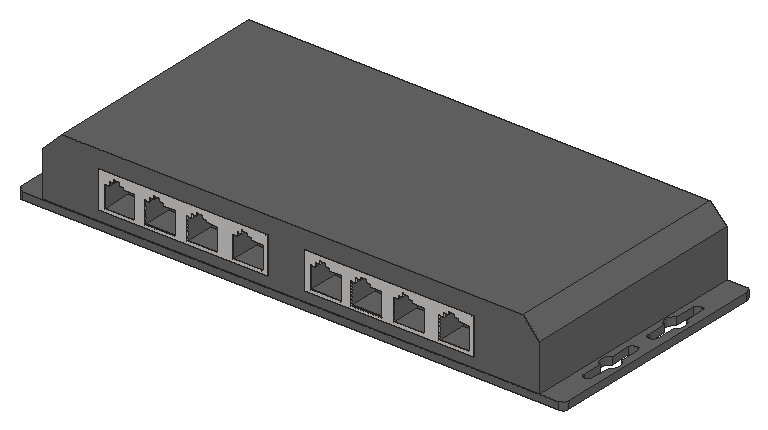
Revit family "NXPOE7-24B", category Communication Devices, host Face, Revit 2014
Parameters
  Warranty = "5-Years Warranty"  # constant formula
  Voltage = "24V"
  Type Comments = "NX POE SWITCH/POWER INJECTOR"  # constant formula
  Connectivity = "Cat5 Pins 4, 5, 6, 7 and 8"  # constant formula
  Product Page URL = "https://www.hubbell.com/hubbellcontrolsolutions/en/Products/Lighting-Controls/Lighting-Controls-Sensors/NX-Distributed-Intelligence-Lighting-Controls/NX-HubbNET-PoE-Switch/p/3590088"
  Product Documentation Link = "https://hubbellcdn.com/specsheet/HCS_NXPoE7-24B_SPEC.pdf"
  URL = "https://www.hubbell.com/hubbellcontrolsolutions/en"
  Model = "NXPOE"  # constant formula
  Manufacturer = "Hubbell Control Solutions"  # constant formula
  Washer = Metal-Hubbell-Galvanized_Steel
  Features = "NX network accessory that provides for splitting the HubbNET™ network\r\nfrom the NXAC into multiple segments\r\n• 24V power is provided to the unit via a five amp computer style plug-in\r\npower supply\r\n• Provides seven powered RJ45 ports for connection of NX network devices\r\n• Multiple dimming options including DMX to less than 0.1%\r\n• Limit of 64 NXHNB2 Network Bridge modules per segment ENERGY STAR®\r\ncertified configurations\r\n• Expands the capacity of the NXAC to 448 bridges suitable for large\r\ncommercial and architectural interiors"  # constant formula
  Description = "NX network accessory that provides for splitting the HubbNET™ network\r\nfrom the NXAC into multiple segments"  # constant formula
  Default Elevation = 48.00"
  Create Date = "03/06/2019"
  Copyright = "Copyright © 2019 Hubbell Control Solutions"  # constant formula
  Contact Us = "https://www.hubbell.com/hubbellcontrolsolutions/en/contactUs?productId=220943"
  Housing Material = Paint - Hubbell - Carbon Black
  Assembly Code = "D5090"
Reference planes (in)
  plane 1 "Center (Front/Back)": y = 13.01342
  plane 2: z = 0
  plane 3 "Center (Left/Right)": x = 0
  plane 4: x = -3.82
  plane 5: x = 3.82
  plane 6: x = 3.63
  plane 7: x = -3.63
  plane 8: y = 11.38342
  plane 9: y = 14.64342
Forms (in)
  Extrusion 1, solid, material "Paint - Hubbell - Carbon Black" <- "Housing Material"
    sketch origin (0, 0, 0) x (1, 0, 0) y (0, 1, 0)
      loop
        arc (-3.75074, 14.64342) -> (-3.79972, 14.62313) -> (-3.82, 14.57416) r 0.06926
        line (-3.82, 14.57416) -> (-3.82, 11.46646)
        arc (-3.82, 11.46646) -> (-3.79568, 11.40774) -> (-3.73696, 11.38342) r 0.08304
        line (-3.73696, 11.38342) -> (3.74369, 11.38342)
        arc (3.74369, 11.38342) -> (3.79765, 11.40577) -> (3.82, 11.45973) r 0.07631
        line (3.82, 11.45973) -> (3.82, 14.55419)
        arc (3.82, 14.55419) -> (3.79386, 14.61728) -> (3.73077, 14.64342) r 0.08923
        line (3.73077, 14.64342) -> (-3.75074, 14.64342)
      loop
        arc (-3.70425, 13.65161) -> (-3.77031, 13.53842) -> (-3.70425, 13.42523) r 0.13
        line (-3.70425, 13.42523) -> (-3.70425, 13.15255)
        arc (-3.70425, 13.15255) -> (-3.63889, 13.08719) -> (-3.57353, 13.15255) r 0.06536
        line (-3.57353, 13.15255) -> (-3.57353, 13.42404)
        arc (-3.57353, 13.42404) -> (-3.50531, 13.53842) -> (-3.57353, 13.6528) r 0.13
        line (-3.57353, 13.6528) -> (-3.57353, 13.9243)
        arc (-3.57353, 13.9243) -> (-3.63889, 13.98966) -> (-3.70425, 13.9243) r 0.06536
        line (-3.70425, 13.9243) -> (-3.70425, 13.65161)
      loop
        line (-3.70425, 12.2971) -> (-3.70425, 12.02442)
        arc (-3.70425, 12.02442) -> (-3.63889, 11.95906) -> (-3.57353, 12.02442) r 0.06536
        line (-3.57353, 12.02442) -> (-3.57353, 12.29591)
        arc (-3.57353, 12.29591) -> (-3.50531, 12.41029) -> (-3.57353, 12.52467) r 0.13
        line (-3.57353, 12.52467) -> (-3.57353, 12.79616)
        arc (-3.57353, 12.79616) -> (-3.63889, 12.86152) -> (-3.70425, 12.79616) r 0.06536
        line (-3.70425, 12.79616) -> (-3.70425, 12.52348)
        arc (-3.70425, 12.52348) -> (-3.77031, 12.41029) -> (-3.70425, 12.2971) r 0.13
      loop
        line (3.70425, 13.65161) -> (3.70425, 13.9243)
        arc (3.70425, 13.9243) -> (3.63889, 13.98966) -> (3.57353, 13.9243) r 0.06536
        line (3.57353, 13.9243) -> (3.57353, 13.6528)
        arc (3.57353, 13.6528) -> (3.50531, 13.53842) -> (3.57353, 13.42404) r 0.13
        line (3.57353, 13.42404) -> (3.57353, 13.15255)
        arc (3.57353, 13.15255) -> (3.63889, 13.08719) -> (3.70425, 13.15255) r 0.06536
        line (3.70425, 13.15255) -> (3.70425, 13.42523)
        arc (3.70425, 13.42523) -> (3.77031, 13.53842) -> (3.70425, 13.65161) r 0.13
      loop
        arc (3.70425, 12.2971) -> (3.77031, 12.41029) -> (3.70425, 12.52348) r 0.13
        line (3.70425, 12.52348) -> (3.70425, 12.79616)
        arc (3.70425, 12.79616) -> (3.63889, 12.86152) -> (3.57353, 12.79616) r 0.06536
        line (3.57353, 12.79616) -> (3.57353, 12.52467)
        arc (3.57353, 12.52467) -> (3.50531, 12.41029) -> (3.57353, 12.29591) r 0.13
        line (3.57353, 12.29591) -> (3.57353, 12.02442)
        arc (3.57353, 12.02442) -> (3.63889, 11.95906) -> (3.70425, 12.02442) r 0.06536
        line (3.70425, 12.02442) -> (3.70425, 12.2971)
    from 0 to 0.1
  Extrusion 2, solid, material "Paint - Hubbell - Carbon Black" <- "Housing Material"
    sketch origin (0, 13.01342, 0) x (1, 0, 0) y (0, 0, 1)
      loop
        line (-3.45959, 0.1) -> (3.47379, 0.1) -> (3.47379, 0.75656) -> (3.23036, 1) -> (-3.19167, 1) -> (-3.45959, 0.73208) -> (-3.45959, 0.1)
    from -1.63 to 1.63
  Extrusion 3, void
    sketch origin (0, 13.01342, 0) x (1, 0, 0) y (0, 0, 1)
      loop
        line (-2.59511, 0.28922) -> (-2.16462, 0.28922) -> (-2.16462, 0.62175) -> (-2.32393, 0.62175) -> (-2.32393, 0.65648) -> (-2.37986, 0.65648) -> (-2.37986, 0.69553) -> (-2.46372, 0.69553) -> (-2.46372, 0.65648) -> (-2.52624, 0.65648) -> (-2.52624, 0.60117) -> (-2.59511, 0.60117) -> (-2.59511, 0.28922)
      loop
        line (-2.03217, 0.28922) -> (-1.60168, 0.28922) -> (-1.60168, 0.62175) -> (-1.76099, 0.62175) -> (-1.76099, 0.65648) -> (-1.81692, 0.65648) -> (-1.81692, 0.69553) -> (-1.90078, 0.69553) -> (-1.90078, 0.65648) -> (-1.96331, 0.65648) -> (-1.96331, 0.60117) -> (-2.03217, 0.60117) -> (-2.03217, 0.28922)
      loop
        line (-1.43984, 0.28922) -> (-1.00935, 0.28922) -> (-1.00935, 0.62175) -> (-1.16866, 0.62175) -> (-1.16866, 0.65648) -> (-1.22459, 0.65648) -> (-1.22459, 0.69553) -> (-1.30845, 0.69553) -> (-1.30845, 0.65648) -> (-1.37097, 0.65648) -> (-1.37097, 0.60117) -> (-1.43984, 0.60117) -> (-1.43984, 0.28922)
      loop
        line (-0.80571, 0.28922) -> (-0.37522, 0.28922) -> (-0.37522, 0.62175) -> (-0.53453, 0.62175) -> (-0.53453, 0.65648) -> (-0.59046, 0.65648) -> (-0.59046, 0.69553) -> (-0.67432, 0.69553) -> (-0.67432, 0.65648) -> (-0.73684, 0.65648) -> (-0.73684, 0.60117) -> (-0.80571, 0.60117) -> (-0.80571, 0.28922)
      loop
        line (0.28295, 0.28922) -> (0.71344, 0.28922) -> (0.71344, 0.62175) -> (0.55413, 0.62175) -> (0.55413, 0.65648) -> (0.4982, 0.65648) -> (0.4982, 0.69553) -> (0.41434, 0.69553) -> (0.41434, 0.65648) -> (0.35181, 0.65648) -> (0.35181, 0.60117) -> (0.28295, 0.60117) -> (0.28295, 0.28922)
      loop
        line (0.84589, 0.28922) -> (1.27638, 0.28922) -> (1.27638, 0.62175) -> (1.11707, 0.62175) -> (1.11707, 0.65648) -> (1.06113, 0.65648) -> (1.06113, 0.69553) -> (0.97728, 0.69553) -> (0.97728, 0.65648) -> (0.91475, 0.65648) -> (0.91475, 0.60117) -> (0.84589, 0.60117) -> (0.84589, 0.28922)
      loop
        line (1.43822, 0.28922) -> (1.86871, 0.28922) -> (1.86871, 0.62175) -> (1.7094, 0.62175) -> (1.7094, 0.65648) -> (1.65346, 0.65648) -> (1.65346, 0.69553) -> (1.56961, 0.69553) -> (1.56961, 0.65648) -> (1.50708, 0.65648) -> (1.50708, 0.60117) -> (1.43822, 0.60117) -> (1.43822, 0.28922)
      loop
        line (2.07235, 0.28922) -> (2.50284, 0.28922) -> (2.50284, 0.62175) -> (2.34353, 0.62175) -> (2.34353, 0.65648) -> (2.2876, 0.65648) -> (2.2876, 0.69553) -> (2.20374, 0.69553) -> (2.20374, 0.65648) -> (2.14121, 0.65648) -> (2.14121, 0.60117) -> (2.07235, 0.60117) -> (2.07235, 0.28922)
    from 1.22629 to 1.63
  Extrusion 4, void
    sketch origin (0, 0, 0) x (0, -1, 0) y (0, 0, 1)
      loop
        arc (-13.2232, 0.26842) -> (-13.19421, 0.23943) -> (-13.16522, 0.26842) r 0.02899
        line (-13.16522, 0.26842) -> (-13.16522, 0.51842)
        arc (-13.16522, 0.51842) -> (-13.19421, 0.54741) -> (-13.2232, 0.51842) r 0.02899
        line (-13.2232, 0.51842) -> (-13.2232, 0.26842)
      loop
        arc (-13.4028, 0.26842) -> (-13.37381, 0.23943) -> (-13.34482, 0.26842) r 0.02899
        line (-13.34482, 0.26842) -> (-13.34482, 0.51842)
        arc (-13.34482, 0.51842) -> (-13.37381, 0.54741) -> (-13.4028, 0.51842) r 0.02899
        line (-13.4028, 0.51842) -> (-13.4028, 0.26842)
      loop
        arc (-13.58058, 0.26842) -> (-13.55159, 0.23943) -> (-13.5226, 0.26842) r 0.02899
        line (-13.5226, 0.26842) -> (-13.5226, 0.51842)
        arc (-13.5226, 0.51842) -> (-13.55159, 0.54741) -> (-13.58058, 0.51842) r 0.02899
        line (-13.58058, 0.51842) -> (-13.58058, 0.26842)
      loop
        arc (-13.04359, 0.26842) -> (-13.0146, 0.23943) -> (-12.98562, 0.26842) r 0.02899
        line (-12.98562, 0.26842) -> (-12.98562, 0.51842)
        arc (-12.98562, 0.51842) -> (-13.0146, 0.54741) -> (-13.04359, 0.51842) r 0.02899
        line (-13.04359, 0.51842) -> (-13.04359, 0.26842)
      loop
        line (-12.80364, 0.26842) -> (-12.80364, 0.51842)
        arc (-12.80364, 0.51842) -> (-12.83263, 0.54741) -> (-12.86162, 0.51842) r 0.02899
        line (-12.86162, 0.51842) -> (-12.86162, 0.26842)
        arc (-12.86162, 0.26842) -> (-12.83263, 0.23943) -> (-12.80364, 0.26842) r 0.02899
      loop
        line (-12.62404, 0.26842) -> (-12.62404, 0.51842)
        arc (-12.62404, 0.51842) -> (-12.65303, 0.54741) -> (-12.68202, 0.51842) r 0.02899
        line (-12.68202, 0.51842) -> (-12.68202, 0.26842)
        arc (-12.68202, 0.26842) -> (-12.65303, 0.23943) -> (-12.62404, 0.26842) r 0.02899
      loop
        line (-12.44626, 0.26842) -> (-12.44626, 0.51842)
        arc (-12.44626, 0.51842) -> (-12.47525, 0.54741) -> (-12.50424, 0.51842) r 0.02899
        line (-12.50424, 0.51842) -> (-12.50424, 0.26842)
        arc (-12.50424, 0.26842) -> (-12.47525, 0.23943) -> (-12.44626, 0.26842) r 0.02899
    from 3.19167 to 3.45959
  Extrusion 5, solid, material "Metal-Hubbell-Galvanized_Steel" <- "Washer"
    sketch origin (0, 13.01342, 0) x (1, 0, 0) y (0, 0, 1)
      loop
        line (-2.67141, 0.24304) -> (-0.32167, 0.24304) -> (-0.32167, 0.75867) -> (-2.67141, 0.75867) -> (-2.67141, 0.24304)
      loop
        line (-2.16462, 0.62175) -> (-2.32393, 0.62175) -> (-2.32393, 0.65648) -> (-2.37986, 0.65648) -> (-2.37986, 0.69553) -> (-2.46372, 0.69553) -> (-2.46372, 0.65648) -> (-2.52624, 0.65648) -> (-2.52624, 0.60117) -> (-2.59511, 0.60117) -> (-2.59511, 0.28922) -> (-2.16462, 0.28922) -> (-2.16462, 0.62175)
      loop
        line (-2.03217, 0.28922) -> (-1.60168, 0.28922) -> (-1.60168, 0.62175) -> (-1.76099, 0.62175) -> (-1.76099, 0.65648) -> (-1.81692, 0.65648) -> (-1.81692, 0.69553) -> (-1.90078, 0.69553) -> (-1.90078, 0.65648) -> (-1.96331, 0.65648) -> (-1.96331, 0.60117) -> (-2.03217, 0.60117) -> (-2.03217, 0.28922)
      loop
        line (-1.43984, 0.28922) -> (-1.00935, 0.28922) -> (-1.00935, 0.62175) -> (-1.16866, 0.62175) -> (-1.16866, 0.65648) -> (-1.22459, 0.65648) -> (-1.22459, 0.69553) -> (-1.30845, 0.69553) -> (-1.30845, 0.65648) -> (-1.37097, 0.65648) -> (-1.37097, 0.60117) -> (-1.43984, 0.60117) -> (-1.43984, 0.28922)
      loop
        line (-0.80571, 0.28922) -> (-0.37522, 0.28922) -> (-0.37522, 0.62175) -> (-0.53453, 0.62175) -> (-0.53453, 0.65648) -> (-0.59046, 0.65648) -> (-0.59046, 0.69553) -> (-0.67432, 0.69553) -> (-0.67432, 0.65648) -> (-0.73684, 0.65648) -> (-0.73684, 0.60117) -> (-0.80571, 0.60117) -> (-0.80571, 0.28922)
      loop
        line (0.20664, 0.24304) -> (2.55639, 0.24304) -> (2.55639, 0.75867) -> (0.20664, 0.75867) -> (0.20664, 0.24304)
      loop
        line (0.71344, 0.62175) -> (0.55413, 0.62175) -> (0.55413, 0.65648) -> (0.4982, 0.65648) -> (0.4982, 0.69553) -> (0.41434, 0.69553) -> (0.41434, 0.65648) -> (0.35181, 0.65648) -> (0.35181, 0.60117) -> (0.28295, 0.60117) -> (0.28295, 0.28922) -> (0.71344, 0.28922) -> (0.71344, 0.62175)
      loop
        line (0.84589, 0.28922) -> (1.27638, 0.28922) -> (1.27638, 0.62175) -> (1.11707, 0.62175) -> (1.11707, 0.65648) -> (1.06113, 0.65648) -> (1.06113, 0.69553) -> (0.97728, 0.69553) -> (0.97728, 0.65648) -> (0.91475, 0.65648) -> (0.91475, 0.60117) -> (0.84589, 0.60117) -> (0.84589, 0.28922)
      loop
        line (1.43822, 0.28922) -> (1.86871, 0.28922) -> (1.86871, 0.62175) -> (1.7094, 0.62175) -> (1.7094, 0.65648) -> (1.65346, 0.65648) -> (1.65346, 0.69553) -> (1.56961, 0.69553) -> (1.56961, 0.65648) -> (1.50708, 0.65648) -> (1.50708, 0.60117) -> (1.43822, 0.60117) -> (1.43822, 0.28922)
      loop
        line (2.07235, 0.28922) -> (2.50284, 0.28922) -> (2.50284, 0.62175) -> (2.34353, 0.62175) -> (2.34353, 0.65648) -> (2.2876, 0.65648) -> (2.2876, 0.69553) -> (2.20374, 0.69553) -> (2.20374, 0.65648) -> (2.14121, 0.65648) -> (2.14121, 0.60117) -> (2.07235, 0.60117) -> (2.07235, 0.28922)
    from 1.63 to 1.64
Cuts and joins
  Extrusion 3, Extrusion 4 cuts Extrusion 2
Dimensions and locks (in)
  aligned and locked: plane 2 to host face
  aligned and locked: level to host face
  aligned and locked: plane 8 to Extrusion 2
  aligned and locked: Extrusion 2 to plane 9
Connectors (in)
  electrical at (0.01934, 13.01342, 1)
    settings: on cut or joined group of Extrusion 2, Extrusion 3, Extrusion 4, index 1, voltage 0 V, apparent load 0 VA, apparent load phase1 0 VA, apparent load phase2 0 VA, apparent load phase3 0 VA, power factor 1, load classification "Other", number of poles 1, system type 14, power factor state 1, is connector primary yes, connector utility no, sub classification motor no, connector description "NX POE Switch"
